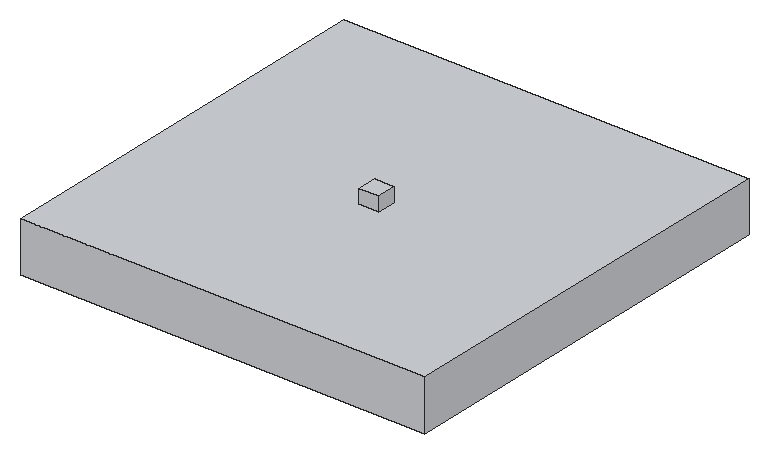
Revit family "M_Luz de teto da chamada de enfermeira", category Dispositivos de chamada de enfermeira, Revit 2019
Family settings
  Hospedeiro = Face
  Manter orientação da anotação = Sim
  Cota do conector redondo = Utilizar diâmetro
  Tipo de parte = Normal
  Número OmniClass = 23.85.30.24.14
  Título OmniClass = Nurse Call Systems
  ID de item do Seek = Nurse Call Dome Light-0000-CAN-ENU
  Corte com vazios quando carregada = Não
  Compartilhado = Não
  Ponto de cálculo do ambiente = Não
Parameters (values of type "Padrão")
  Legenda = "N"
  Elevação-padrão = 1200 mm
  Largura = 116 mm
  Material = none
  Comprimento = 116 mm
  Altura = 84 mm
Reference planes
  plane 1 "Centro (Frente/Trás)": y = 0
  plane 2: z = 0
  plane 3 "Centro (Esquerda/Direita)": x = 0
  plane 4: y = -116
  plane 5: x = -58
  plane 6: x = 58
  plane 7: z = 84
Forms (mm)
  Extrusion 1, solid
    sketch origin (0, 0, 0) x (1, 0, 0) y (0, 1, 0)
      loop
        line (-1219.2, 1219.2) -> (-1219.2, -1219.2) -> (1219.2, -1219.2) -> (1219.2, 1219.2) -> (-1219.2, 1219.2)
    from 0 to -304.8
  Extrusion 2, solid, material <- "Material"
    sketch origin (0, 0, 0) x (1, 0, 0) y (0, 1, 0)
      loop
        line (-58, 0) -> (-58, -116) -> (58, -116) -> (58, 0) -> (-58, 0)
    from 0 to 84
Lines and regions (mm)
  symbolic lines, detail levels fine
    curve 1: line (58, 0, 84) -> (-58, 0, 84)
    curve 2: line (-58, 0, 84) -> (-58, 0, 0)
    curve 3: line (58, 0, 0) -> (58, 0, 84)
    curve 4: line (58, 0, 0) -> (-58, 0, 0)
Dimensions and locks
  equal spacing: plane 5, plane 3 "Centro (Esquerda/Direita)", plane 6
  "Comprimento": plane 5 to plane 6
  "Largura": plane 1 "Centro (Frente/Trás)" to plane 4
  "Altura": plane 7 to plane 2
  aligned and locked: plane 2 to Extrusion 1
  aligned and locked: level to Extrusion 1
  aligned and locked: plane 5 to Extrusion 2 sketch curve
  aligned and locked: plane 1 "Centro (Frente/Trás)" to Extrusion 2 sketch curve
  aligned and locked: plane 4 to Extrusion 2 sketch curve
  aligned and locked: Extrusion 2 sketch curve to plane 6
  aligned and locked: Extrusion 2 to plane 2
  aligned and locked: plane 1 "Centro (Frente/Trás)" to nested 1
  aligned and locked: plane 3 "Centro (Esquerda/Direita)" to nested 1
  aligned and locked: plane 7 to Extrusion 2
  aligned and locked: curve 1 to Extrusion 2
  aligned and locked: curve 2 to Extrusion 2
  aligned and locked: curve 3 to Extrusion 2
  aligned and locked: curve 4 to Extrusion 2
Automatic sketch dimensions
  Extrusion 1 sketch curve to Extrusion 1 sketch curve = 2438.4 mm  (x2)
Nested families
  nested 1: "M_Anotação da luz de teto da chamada de enfermeira" at (0, 0, 0), type "Anotação da luz de teto da chamada de enfermeira", detail levels coarse+medium
Connectors
  electrical at (0, -58, 0)
    settings: on Extrusion 2, index 1, voltage 0 V, apparent load 0 VA, apparent load phase1 0 VA, apparent load phase2 0 VA, apparent load phase3 0 VA, power factor 1, load classification "Outros", number of poles 1, system type 12, power factor state 1, is connector primary yes, connector utility no, sub classification motor no, connector description ""
Definition of nested family "M_Anotação da luz de teto da chamada de enfermeira"
  Parameters
    Anotação de legenda = "N"
  Reference planes
    plane 1: y = 0
    plane 2: x = 0
  Lines and regions (mm)
    reference lines
      curve 1: line (1.984, 11.258, 0) -> (1.984, -5.783, 0)
      curve 3: line (-1.984, 11.258, 0) -> (-1.984, -5.783, 0)
      curve 4: line (-4.907, 3.969, 0) -> (19.767, 3.969, 0)
      curve 5: line (-4.907, 0, 0) -> (19.767, 0, 0)
    detail lines
      curve 2: circle (0, 1.984, 0) r 1.588 normal (0, 0, 1)
      curve 6: line (-1.984, 0, 0) -> (-1.123, 0.862, 0)
      curve 7: line (1.984, 3.969, 0) -> (1.123, 3.107, 0)
      curve 8: line (-1.984, 3.969, 0) -> (-1.123, 3.107, 0)
      curve 9: line (1.984, 0, 0) -> (1.123, 0.862, 0)
  Text (mm)
    label "N" at (-1.202, 1.902, 0), shows "Anotação de legenda"
  Dimensions and locks
    locked: plane 2 to curve 1 at 1.984
    locked: curve 3 to plane 2 at 1.984
    plane 1 to curve 4 = 3.969 mm
    curve 5 to plane 1 = 0 mm
    radius of curve 2 = 1.588 mm
